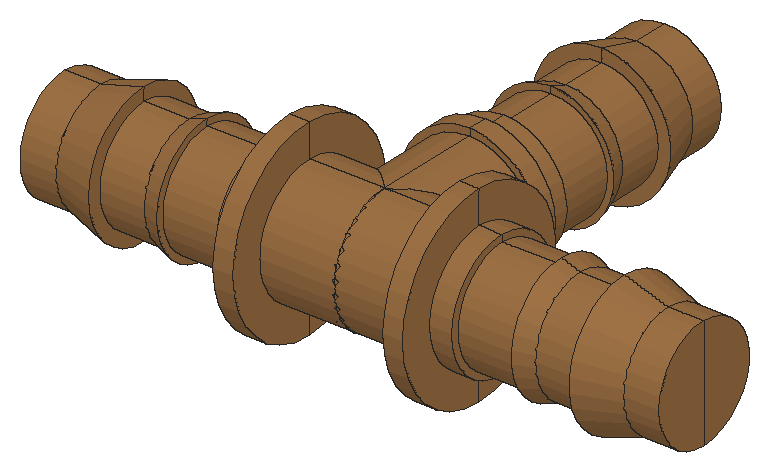
Revit family "XFF-TEE", category Conexões de tubo, Revit 2020
Family settings
  Cota do conector redondo = Utilizar diâmetro
  Tipo de parte = Tê
  Com base no plano de trabalho = Não
  Sempre na vertical = Sim
  Corte com vazios quando carregada = Não
  Compartilhado = Não
Parameters (values of type "XFF-TEE")
  y = 8.5 mm
  Y2 = 42.5 mm
  Descrição = RainBird: Description  # "XFF-TEE: 17mm Barb x Barb x Barb Tee"
  DTT5 = 26.25 mm
  DTT4 = 1 mm
  DTT3 = 10 mm
  DTT2 = 2 mm
  DTT1 = 3 mm
  DN2 [instance] = 16.1 mm
  URL = "www.rainbird.com"
  SupportProjetos: Review Date = ""  # constant formula
  SupportProjetos: Review = "R00"  # constant formula
  SupportProjetos: Level of Detail = "LOD 300"  # constant formula
  SupportProjetos: Developed = "MICHEL SOARES MOTA"  # constant formula
  SupportProjetos: Creation Date = "07/10/2020"  # constant formula
  RainBird: Product Link = "www.rainbird.com"
  RainBird: Description = "XFF-TEE: 17mm Barb x Barb x Barb Tee"
  RainBird: Comment = ""
  RainBird: Code = ""
  Modelo = "XFF-TEE"
  Type Image = (empty or 0)
  Default Elevation = 0 mm
  DN1 [instance] = 16.1 mm
  Type Comments = ""
  PVC = PVC - Franklin Electric - Preto
Reference planes
  plane 1 "Centro (Frente/Trás)": y = 0
  plane 2: z = 0
  plane 3 "Centro (Esquerda/Direita)": x = 0
Forms (mm)
  Revolve 1, solid, material "PVC - Franklin Electric - Preto" <- "PVC"
    sketch origin (0, 0, 0) x (1, 0, 0) y (0, 0, 1)
      loop
        arc (0, 9.5) -> (-6.718, 6.718) -> (-9.5, 0) r 9.5
        line (-9.5, 0) -> (48.451, 0) -> (48.451, 8.5) -> (43.055, 8.5) -> (36.451, 10.519) -> (36.451, 8.5) -> (29.673, 8.5) -> (26.884, 9.5) -> (26.884, 8.5) -> (17.885, 8.5) -> (17.885, 9.5) -> (14.385, 9.5) -> (14.385, 14.5) -> (11.385, 14.5) -> (11.385, 9.5) -> (0, 9.5)
      axis (-9.5, 0) -> (48.451, 0)
    angle from 0 to 360
  Revolve 2, solid, material "PVC - Franklin Electric - Preto" <- "PVC"
    sketch origin (0, 0, 0) x (0, 1, 0) y (0, 0, 1)
      loop
        line (0, 9.5) -> (0, 0) -> (53.201, 0) -> (53.201, 8.5) -> (47.805, 8.5) -> (41.201, 10.519) -> (41.201, 8.5) -> (34.423, 8.5) -> (31.634, 9.5) -> (31.634, 8.5) -> (22.635, 8.5) -> (22.635, 9.5) -> (19.135, 9.5) -> (19.135, 10.567) -> (16.135, 10.567) -> (16.135, 9.5) -> (0, 9.5)
      axis (0, 0) -> (53.201, 0)
    angle from 0 to 360
  Revolve 3, solid, material "PVC - Franklin Electric - Preto" <- "PVC"
    sketch origin (0, 0, 0) x (-1, 0, 0) y (0, 0, 1)
      loop
        arc (0, 9.5) -> (-6.718, 6.718) -> (-9.5, 0) r 9.5
        line (-9.5, 0) -> (48.451, 0) -> (48.451, 8.5) -> (43.055, 8.5) -> (36.451, 10.519) -> (36.451, 8.5) -> (29.673, 8.5) -> (26.884, 9.5) -> (26.884, 8.5) -> (17.885, 8.5) -> (17.885, 9.5) -> (14.385, 9.5) -> (14.385, 14.5) -> (11.385, 14.5) -> (11.385, 9.5) -> (0, 9.5)
      axis (-9.5, 0) -> (48.451, 0)
    angle from 0 to 360
Dimensions and locks
  aligned and locked: level to plane 2
Connectors
  piping at (17.885, 0, 0), diameter 16.1, driven by "DN1"
    settings: on Revolve 1, index 1, connector inside diameter 609.6 mm, connector length 0 mm, flow factor 0, pipe flow 0.0 L/s, pressure drop 0.0 Pa, fitting loss kfactor 0, connector angle 0.00°, fixture units 0, engagement length 0 mm, angle of deflection 0.00°, flow configuration 0, flow direction 0, fitting loss method 0, system type 7, joint type 0, gender type 0, connector reference index 3, connector utility 0, adjustable connector no, is connector primary yes, connector description ""
  piping at (0, 22.635, 0), diameter 16.1, driven by "DN2"
    settings: on Revolve 2, index 2, connector inside diameter 609.6 mm, connector length 0 mm, flow factor 0, pipe flow 0.0 L/s, pressure drop 0.0 Pa, fitting loss kfactor 0, connector angle 0.00°, fixture units 0, engagement length 0 mm, angle of deflection 0.00°, flow configuration 0, flow direction 0, fitting loss method 0, system type 7, joint type 0, gender type 0, connector reference index -1, connector utility 0, adjustable connector no, is connector primary no, connector description ""
  piping at (-17.885, 0, 0), diameter 16.1, driven by "DN1"
    settings: on Revolve 3, index 3, connector inside diameter 609.6 mm, connector length 0 mm, flow factor 0, pipe flow 0.0 L/s, pressure drop 0.0 Pa, fitting loss kfactor 0, connector angle 0.00°, fixture units 0, engagement length 0 mm, angle of deflection 0.00°, flow configuration 0, flow direction 0, fitting loss method 0, system type 7, joint type 0, gender type 0, connector reference index 1, connector utility 0, adjustable connector no, is connector primary no, connector description ""
